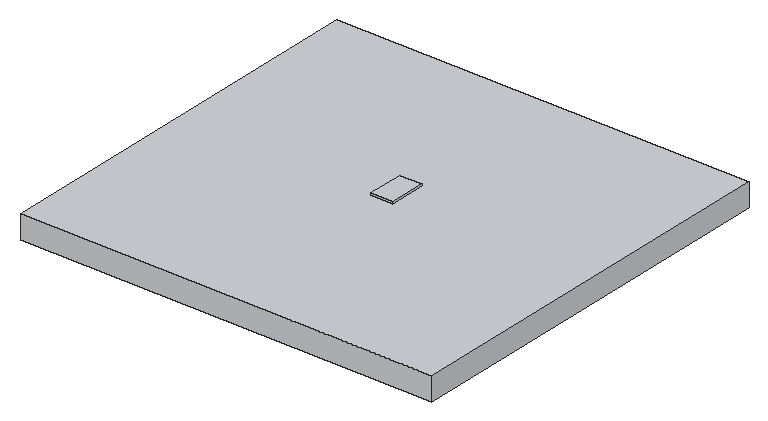
Revit family "772c22c5b91a4804bc11ceed53bae010", category Electrical Fixtures, host Face, Revit 2021
Family settings
  Host = Face
  Maintain Annotation Orientation = Yes
  Round Connector Dimension = Use Diameter
  Part Type = Normal
  OmniClass Number = 23.80.50.11.17
  OmniClass Title = Ground Fault Receptacles
  Seek Item ID = Special Purpose Receptacle-0000-USA-ENU
  Cut with Voids When Loaded = No
  Shared = No
  Room Calculation Point = No
Parameters (values of type "Standard")
  Switch Voltage = 120 V
  Load Classification = Receptacle
  Load = 180 VA
  Default Elevation = 1' - 6"
  Assembly Code = ""
Reference planes (in)
  plane 1 "Center (Front/Back)": y = 0
  plane 2: z = 0
  plane 3 "Center (Left/Right)": x = 0
  plane 4: x = -1.375
  plane 5: x = 1.375
  plane 6: x = -0.75
  plane 7: x = 0.75
  plane 8: y = 2.25
  plane 9: y = -2.25
  plane 10: y = 1.5
  plane 11: y = -1.5
  plane 12 "level above": z = 0.1875
  plane 13 "level below": z = -2.125
Forms (in)
  Extrusion 1, solid
    sketch origin (0, 0, 0) x (1, 0, 0) y (0, 1, 0)
      loop
        line (-25.375, 22.5) -> (-25.375, -26.25) -> (25.375, -26.25) -> (25.375, 22.5) -> (-25.375, 22.5)
    from 0 to -2.86111
  Extrusion 2, solid
    sketch origin (0, 0, 0) x (1, 0, 0) y (0, 1, 0)
      loop
        line (-1.375, 2.25) -> (-1.375, -2.25) -> (1.375, -2.25) -> (1.375, 2.25) -> (-1.375, 2.25)
    from 0 to 0.1875
  Extrusion 3, solid
    sketch origin (0, 0, 0) x (1, 0, 0) y (0, 1, 0)
      loop
        line (-0.75, 1.5) -> (-0.75, -1.5) -> (0.75, -1.5) -> (0.75, 1.5) -> (-0.75, 1.5)
    from 0 to -2.125
Lines and regions (in)
  symbolic lines, detail levels fine
    curve 1: line (1.375, 0, 0) -> (-1.375, 0, 0)
    curve 2: line (1.375, 0, 0.1875) -> (1.375, 0, 0)
    curve 3: line (-1.375, 0, 0.1875) -> (1.375, 0, 0.1875)
    curve 4: line (-1.375, 0, 0) -> (-1.375, 0, 0.1875)
    curve 5: line (0.75, 0, -2.125) -> (-0.75, 0, -2.125)
    curve 6: line (0.75, 0, 0) -> (0.75, 0, -2.125)
    curve 7: line (-0.75, 0, -2.125) -> (-0.75, 0, 0)
Dimensions and locks (in)
  equal spacing: plane 6, plane 3 "Center (Left/Right)", plane 7, locked at 0.75 each
  locked: plane 6 to plane 7 at 1.5
  equal spacing: plane 4, plane 3 "Center (Left/Right)", plane 5, locked at 1.375 each
  locked: plane 4 to plane 5 at 2.75
  locked: plane 8 to plane 9 at 4.5
  locked: plane 12 "level above" to level at 0.1875
  locked: level to plane 13 "level below" at 2.125
  locked: plane 10 to plane 11 at 3
  equal spacing: plane 10, plane 1 "Center (Front/Back)", plane 11, locked at 1.5 each
  equal spacing: plane 8, plane 1 "Center (Front/Back)", plane 9, locked at 2.25 each
  aligned and locked: plane 2 to Extrusion 1
  aligned and locked: level to Extrusion 1
  aligned and locked: plane 8 to Extrusion 2
  aligned and locked: Extrusion 2 to plane 9
  aligned and locked: plane 5 to Extrusion 2
  aligned and locked: Extrusion 2 to plane 4
  aligned and locked: Extrusion 2 to level
  aligned and locked: plane 12 "level above" to Extrusion 2
  aligned and locked: plane 10 to Extrusion 3
  aligned and locked: Extrusion 3 to plane 6
  aligned and locked: plane 7 to Extrusion 3
  aligned and locked: Extrusion 3 to plane 11
  aligned and locked: Extrusion 3 to level
  aligned and locked: Extrusion 3 to plane 13 "level below"
  aligned and locked: curve 4 to plane 4
  aligned and locked: plane 5 to curve 2
  aligned and locked: curve 3 to plane 12 "level above"
  aligned and locked: plane 2 to curve 1
  aligned and locked: curve 7 to plane 6
  aligned and locked: plane 7 to curve 6
  aligned and locked: plane 13 "level below" to curve 5
  aligned and locked: plane 1 "Center (Front/Back)" to nested 1
  aligned and locked: plane 3 "Center (Left/Right)" to nested 1
Automatic sketch dimensions
  Extrusion 2 sketch curve to plane 4 = 0' - 0"
  Extrusion 2 sketch curve to plane 5 = 0' - 0"
  Extrusion 2 sketch curve to plane 9 = 0' - 0"
  Extrusion 2 sketch curve to plane 8 = 0' - 0"
  Extrusion 3 sketch curve to plane 6 = 0' - 0"
  Extrusion 3 sketch curve to plane 7 = 0' - 0"
  Extrusion 3 sketch curve to plane 11 = 0' - 0"
  Extrusion 3 sketch curve to plane 10 = 0' - 0"
  Extrusion 1 sketch curve to Extrusion 1 sketch curve = 4' - 2 3/4"
  Extrusion 1 sketch curve to Extrusion 1 sketch curve = 4' - 0 3/4"
Nested families (in)
  nested 1: "Special Purpose Receptacle Annotation" at (0, 0, 0), type "Special Purpose Receptacle Annotation", detail levels coarse+medium
Connectors (in)
  electrical at (0, 1.5, -1.0625), driven by "Switch Voltage", driven by "Load", driven by "Load Classification"
    settings: on Extrusion 3, index 1, voltage 120 V, apparent load 0 VA, apparent load phase1 180 VA, apparent load phase2 0 VA, apparent load phase3 0 VA, power factor 1, load classification "Receptacle", number of poles 1, system type 31, power factor state 1, is connector primary yes, connector utility no, sub classification motor no, connector description ""
Definition of nested family "Special Purpose Receptacle Annotation"
  Parameters
    Label Annotation = ""
  Reference planes (in)
    plane 1: y = 0
    plane 2: x = 0
  Lines and regions (in)
    reference lines
      curve 1: line (-0.56423, 0.125, 0) -> (0.61164, 0.125, 0)
      curve 6: line (-0.03125, 0.04332, 0) -> (-0.03125, -0.07771, 0)
      curve 7: line (0.03125, 0.04332, 0) -> (0.03125, -0.10565, 0)
    detail lines
      curve 2: circle (0, 0.125, 0) r 0.0625 normal (0, 0, 1)
      curve 3: line (0, 0.125, 0) -> (0, 0.0625, 0)
      curve 4: line (0, 0.125, 0) -> (0.04419, 0.16919, 0)
      curve 5: line (0, 0.125, 0) -> (-0.04419, 0.16919, 0)
      curve 8: line (-0.03125, 0, 0) -> (0.03125, 0, 0)
      curve 9: line (0, 0.0625, 0) -> (0, 0, 0)
  Dimensions and locks (in)
    locked: plane 1 to curve 1 at 0.125
    locked: curve 6 to plane 2 at 0.03125
    locked: plane 2 to curve 7 at 0.03125
    locked: curve 4 to curve 5 (angle 90.00°)
    aligned and locked: curve 1 to curve 2
    aligned and locked: plane 2 to curve 2
    aligned and locked: curve 3 to plane 2
    aligned and locked: curve 6 to curve 8
    aligned and locked: curve 7 to curve 8
    aligned and locked: plane 1 to curve 8
    aligned and locked: curve 9 to plane 2
    aligned and locked: plane 1 to curve 9
